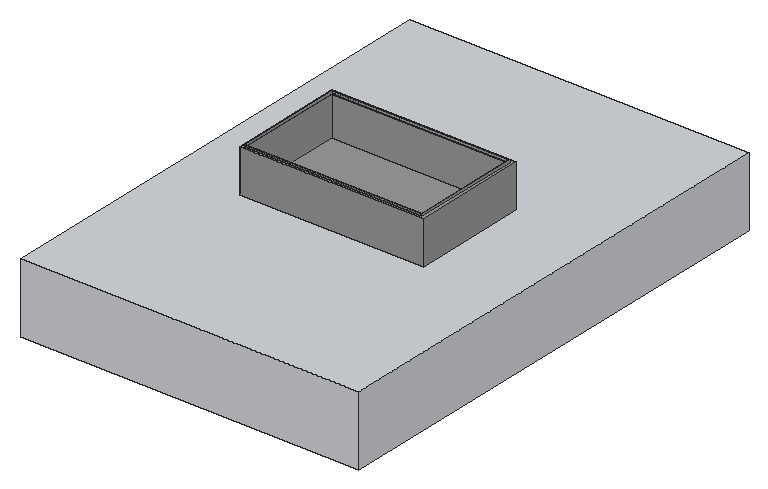
Revit family "Hager-Univers-IP30-D205-H500-Cl.II-Encl-CH-it", category Equipement électrique, Revit 2020
Family settings
  Hôte = Face
  Configuration du panneau = Deux colonnes, circuits au sein
  Cote de connecteur circulaire = Utiliser le diamètre
  Type d'élément = Tableau de raccordement
  Couper avec des vides une fois chargée = Non
  Partagée = Non
  Point de calcul de pièce = Non
Parameters (values of type "A parete IP30 L800 A500 P205  - FP33Q1S")
  Width Control [instance] = if([EF000008 - Larghezza] > Min Width, [EF000008 - Larghezza], Min Width)  # 800 mm
  Commentaires du type = [HG000003 - Gamma]  # "Univers"
  Thickness Door [instance] = if([EF009171 - spessore materiale porta/coperchio] > 3 mm, 3 mm, [EF009171 - spessore materiale porta/coperchio])  # 1 mm
  Seal Frame Offset [instance] = 17 mm  # constant formula
  Plinth Visibility [instance] = [HG000027 - Altezza dello zoccolo] > 0 mm  # no
  Model = ""
  Min Width [instance] = 100 mm  # constant formula
  Min Height [instance] = 100 mm  # constant formula
  Min Depth [instance] = (2 * [EF009170 - spessore materiale scatola]) + 1 mm  # 3 mm
  Internal Frame Depth [instance] = (Door System Depth * 0.5)  # 9 mm
  Height Control [instance] = if([EF000040 - Altezza] > Min Height, [EF000040 - Altezza], Min Height)  # 500 mm
  HG000027 - Altezza dello zoccolo = 0 mm
  HG000026 - A pavimento = no
  HG000024 - Altezza della sezione inferiore = 800 mm
  HG000023 - Custodia a doppia sezione = no
  HG000016 - Visibilità delle porte nella vista 3D [instance] = yes
  HG000015 - Visibilità attraverso la porta [instance] = no
  HG000014 - Porta destra [instance] = yes
  HG000013 - Porta sinistra [instance] = not([HG000014 - Porta destra])  # no
  HG000012 - Angolo di apertura della porta [instance] = 30.00°
  HG000010 - Porte asimmetriche = no
  HG000009 - Porta doppia a battente = no
  HG000006 - Ad incasso = no
  HG000004 - Codice produttore = "FP33Q1S"
  HG000003 - Gamma = "Univers"
  HG000002 - Con porta = no
  Frame Offset Bottom [instance] = 10 mm  # constant formula
  Frame Offset [instance] = 15 mm  # constant formula
  EF015940 - Coprire con rilascio di sovrapressione = no
  EF011959 - tipo di protezione (NEMA) = ""
  EF009554 - numero delle aperture per la piastra della flangia = 6
  Fabricant = "Hager"  # constant formula
  EF009212 - esecuzione coperchio = "EV009916 - con taglio"
  EF009171 - spessore materiale porta/coperchio = 1 mm
  EF009170 - spessore materiale scatola = 1 mm
  EF008873 - corrente nominale (In) = 250 A
  EF007800 - adatto per parafulmine = no
  EF006306 - con serratura = no
  EF006244 - coperchio/porta trasparente = no
  EF005474 - grado di protezione (IP) = "EV006410 - IP30"
  EF004464 - tipo di porta = "EV000494 - senza"
  EF004427 - numero di moduli = 108
  EF004293 - resistenza agli urti = "EV006813 - IK07"
  EF003532 - adatto per uso esterno = no
  EF002950 - Numero moduli DIN = 36
  EF001613 - Integrità del circuito = "EV000494 - senza"
  EF001596 - Attacco Lampada = "EV000179 - acciaio"
  EF001131 - profondità interna = 130 mm
  EF001088 - possibilità di applicazione = yes
  EF000437 - numero di ingressi per conduttori = 6
  EF000339 - tipo di copertura = "EV000494 - senza"
  EF000266 - numero di file = 3
  EF000218 - profondità di incasso = 0 mm
  EF000118 - con piastra di montaggio = no
  EF000116 - numero RAL = "9010"
  EF000049 - profondità = 205 mm
  EF000040 - Altezza = 500 mm
  EF000008 - Larghezza = 800 mm
  EF000007 - colore = "EV000202 - bianco"
  EF000003 - Tipo di montaggio = "EV000384 - A parete"
  Door System Leaf Tolerance [instance] = 1.5 mm  # constant formula
  Door System Depth [instance] = 18 mm  # constant formula
  Door Height [instance] = Height Control - [HG000027 - Altezza dello zoccolo]  # 500 mm
  Depth Control [instance] = if([EF000049 - profondità] > Min Depth, [EF000049 - profondità], Min Depth)  # 205 mm
  Default Elevation = 0 mm
  Connector Offset [instance] = Height Control / 2  # 250 mm
  Bottom Top Plate Trim [instance] = 1.5 mm  # constant formula
  Plinth height Ctrl [instance] = if([HG000027 - Altezza dello zoccolo] > 0 mm, [HG000027 - Altezza dello zoccolo], 12 mm)  # 12 mm
Types (5, lengths in mm): name | Width Control | HG000004 - Codice produttore | EF009554 - numero delle aperture per la piastra della flangia | EF004427 - numero di moduli | EF002950 - Numero moduli DIN | EF000437 - numero di ingressi per conduttori | EF000008 - Larghezza
  A parete IP30 L1050 A500 P205  - FP34Q1S | 1050 | "FP34Q1S" | 8 | 144 | 48 | 8 | 1050
  A parete IP30 L1300 A500 P205  - FP35Q1S | 1300 | "FP35Q1S" | 10 | 180 | 60 | 10 | 1300
  A parete IP30 L300 A500 P205  - FP31Q1S | 300 | "FP31Q1S" | 2 | 36 | 12 | 2 | 300
  A parete IP30 L550 A500 P205  - FP32Q1S | 550 | "FP32Q1S" | 4 | 72 | 24 | 4 | 550
  A parete IP30 L800 A500 P205  - FP33Q1S | 800 | "FP33Q1S" | 6 | 108 | 36 | 6 | 800
Reference planes
  plane 1 "Center (Front/Back)": y = 0
  plane 2: z = 0
  plane 3 "Center (Left/Right)": x = 0
  plane 4: z = 205
  plane 5: y = 1
  plane 6: y = 250
  plane 7: y = 0
  plane 8: y = 500
  plane 9: z = 0
  plane 10: x = -385
  plane 11: x = 385
  plane 12: x = 384
  plane 13: x = -384
  plane 14: y = 499
  plane 15: x = -383
  plane 16: x = -400
  plane 17: x = 383
  plane 18: x = 400
  plane 19: x = 399
  plane 20: x = -399
  plane 21: y = 11
  plane 22: y = 500
  plane 23: y = 484
  plane 24: z = 187
  plane 25: z = 1
  plane 26: z = 186
  plane 27: z = 204
Forms (mm)
  Extrusion 1, solid
    sketch origin (0, 0, 0) x (1, 0, 0) y (0, 1, 0)
      loop
        line (-702.964, 1305) -> (-702.964, -811.445) -> (766.763, -811.445) -> (766.763, 1305) -> (-702.964, 1305)
    from 0 to -304.8
  Extrusion 2, solid, material "Hager_Steel_RAL7035_Light_Grey", visible <- "Plinth Visibility", detail levels medium+fine
    sketch origin (0, 0, 0) x (1, 0, 0) y (0, 1, 0)
      loop
        line (-400, 0) -> (400, 0) -> (400, 12) -> (-400, 12) -> (-400, 0)
    from 0 to 187
  Extrusion 3, solid, material "Hager_Steel_RAL7035_Light_Grey", detail levels medium+fine
    sketch origin (0, 0, 0) x (1, 0, 0) y (0, 1, 0)
      loop
        line (-400, 0) -> (400, 0) -> (400, 500) -> (-400, 500) -> (-400, 0)
    from 0 to 187
  Extrusion 4, void
    sketch origin (0, 0, 0) x (1, 0, 0) y (0, 1, 0)
      loop
        line (-399, 1) -> (399, 1) -> (399, 499) -> (-399, 499) -> (-399, 1)
    from 1 to 186
  Extrusion 5, void
    sketch origin (-381.607, -4572, 187) x (0, -1, 0) y (-1, 0, 0)
      loop
        line (-4583, 2.393) -> (-5056, 2.393) -> (-5056, -765.607) -> (-4583, -765.607) -> (-4583, 2.393)
    from 0 to 1 <- "EF009170 - spessore materiale scatola"
  Extrusion 6, solid, material "Hager_Steel_RAL7035_Light_Grey", detail levels fine
    sketch origin (0, 0, 187) x (1, 0, 0) y (0, 1, 0)
      loop
        line (-384, 484) -> (-384, 11) -> (384, 11) -> (384, 484) -> (-384, 484)
      loop
        line (-385, 10) -> (385, 10) -> (385, 485) -> (-385, 485) -> (-385, 10)
    from 0 to 9 <- "Internal Frame Depth"
  Extrusion 7, solid, material "Hager_Steel_RAL7035_Light_Grey", detail levels coarse
    sketch origin (0, 0, 0) x (1, 0, 0) y (0, 1, 0)
      loop
        line (-400, 0) -> (400, 0) -> (400, 500) -> (-400, 500) -> (-400, 0)
    from 0 to 205
  Sweep 8, void
    path in 3D
      loop
        line (-400, 12, 0) -> (400, 12, 0) -> (400, 12, 187) -> (-400, 12, 187) -> (-400, 12, 0)
    profile origin (-400, 12, 93.5) x (-1, 0, 0) y (0, -1, 0)
      loop
        line (0, 0) -> (0, 1.5) -> (-1.5, 1.5)
        arc (-1.5, 1.5) -> (-1.061, 0.439) -> (0, 0) r 1.5
Cuts and joins
  Extrusion 4, Extrusion 5 cuts Extrusion 3
  Sweep 8 cuts Extrusion 2
Lines and regions (mm)
  Masking region 1
    outline origin (0, 0, 0) x (1, 0, 0) y (0, 0, 1)
      loop
        line (-400, 205) -> (-400, 0) -> (400, 0) -> (400, 205) -> (-400, 205)
  Masking region 2, detail levels medium+fine
    outline origin (0, 140, 0) x (0, 1, 0) y (0, 0, 1)
      loop
        line (-140, 0) -> (360, 0) -> (360, 187) -> (-140, 187) -> (-140, 0)
  Masking region 3, not visible, detail levels medium+fine
    outline origin (0, 297.922, 0) x (0, 1, 0) y (0, 0, 1)
      loop
        line (-36.422, 0) -> (3.578, 0) -> (3.578, 194)
        arc (3.578, 194) -> (0.649, 201.071) -> (-6.422, 204) r 10
        line (-6.422, 204) -> (-36.422, 204) -> (-36.422, 0)
  Masking region 4, detail levels coarse
    outline origin (0, 0, 180) x (0, 1, 0) y (0, 0, 1)
      loop
        line (0, -180) -> (500, -180) -> (500, 25) -> (0, 25) -> (0, -180)
  Masking region 5, visible <- "Plinth Visibility", detail levels medium+fine
    outline origin (0, 52.24, 12.345) x (0, 0, -1) y (0, 1, 0)
      loop
        line (10.845, -40.24) -> (-173.155, -40.24)
        arc (-173.155, -40.24) -> (-173.594, -41.301) -> (-174.655, -41.74) r 1.5
        line (-174.655, -41.74) -> (-174.655, -52.24) -> (12.345, -52.24) -> (12.345, -41.74)
        arc (12.345, -41.74) -> (11.285, -41.301) -> (10.845, -40.24) r 1.5
  Masking region 6, detail levels medium+fine
    outline origin (-381.607, -4572, 187) x (-1, 0, 0) y (0, -1, 0)
      loop
        line (18.393, -5072) -> (18.393, -4572) -> (-781.607, -4572) -> (-781.607, -5072) -> (18.393, -5072)
  Masking region 7, visible <- "Plinth Visibility", detail levels medium+fine
    outline origin (-381.607, -4727, 187) x (-1, 0, 0) y (0, -1, 0)
      loop
        arc (16.893, -4739) -> (17.332, -4737.939) -> (18.393, -4737.5) r 1.5
        line (18.393, -4737.5) -> (18.393, -4727) -> (-781.607, -4727) -> (-781.607, -4737.5)
        arc (-781.607, -4737.5) -> (-780.546, -4737.939) -> (-780.107, -4739) r 1.5
        line (-780.107, -4739) -> (16.893, -4739)
  Masking region 8, detail levels coarse
    outline origin (-442.548, -4669.526, 187) x (-1, 0, 0) y (0, -1, 0)
      loop
        line (-42.548, -5169.526) -> (-42.548, -4669.526) -> (-842.548, -4669.526) -> (-842.548, -5169.526) -> (-42.548, -5169.526)
  sketch lines
    curve 1: line (-400, 12, 187) -> (-400, 12, 0)
    curve 2: line (400, 12, 187) -> (-400, 12, 187)
    curve 3: line (400, 12, 187) -> (400, 12, 0)
    curve 4: line (-400, 12, 0) -> (400, 12, 0)
Dimensions and locks
  "Depth Control": plane 4 to Extrusion 1
  "HG000027 - Altezza dello zoccolo": plane 1 "Center (Front/Back)" to plane 7
  "EF009170 - spessore materiale scatola": plane 5 to plane 7
  locked: connector elem to plane 3 "Center (Left/Right)"
  equal spacing: plane 8, plane 6, plane 7
  locked: connector elem to plane 6
  "EF009170 - spessore materiale scatola": plane 8 to plane 14
  "EF009170 - spessore materiale scatola": plane 10 to plane 13
  "EF009170 - spessore materiale scatola": plane 12 to plane 11
  "Frame Offset": plane 20 to plane 13
  "Frame Offset": plane 12 to plane 19
  "EF009170 - spessore materiale scatola": plane 16 to plane 20
  "EF009170 - spessore materiale scatola": plane 19 to plane 18
  "Seal Frame Offset": plane 16 to plane 15
  "Seal Frame Offset": plane 17 to plane 18
  "Frame Offset Bottom": plane 21 to plane 5
  "Frame Offset": plane 14 to plane 23
  equal spacing: plane 16, plane 3 "Center (Left/Right)", plane 18
  "Width Control": plane 16 to plane 18
  "EF009170 - spessore materiale scatola": plane 4 to plane 27
  "EF009170 - spessore materiale scatola": plane 24 to plane 26
  "EF009170 - spessore materiale scatola": plane 25 to level
  "Door System Depth": plane 4 to plane 24
  "Height Control": plane 1 "Center (Front/Back)" to Extrusion 7 sketch curve
  "Height Control": Masking region 4 sketch curve to plane 1 "Center (Front/Back)"
  "Height Control": plane 1 "Center (Front/Back)" to plane 22
  "Bottom Top Plate Trim": profile plane to Sweep 8 sketch curve
  "Bottom Top Plate Trim": Sweep 8 sketch curve to profile plane
  "Plinth height Ctrl": plane 1 "Center (Front/Back)" to Extrusion 2 sketch curve
  "Plinth height Ctrl": Masking region 5 sketch curve to plane 1 "Center (Front/Back)"
  "Plinth height Ctrl": plane 1 "Center (Front/Back)" to Masking region 7 sketch curve
  "Thickness Door": Extrusion 6 sketch curve to Extrusion 6 sketch curve  (x3)
  "Thickness Door": cut or joined group of Extrusion 3, Extrusion 4, Extrusion 5 to Extrusion 6 sketch curve
  radius of Masking region 3 sketch curve = 10 mm
  "Bottom Top Plate Trim": radius of Masking region 5 sketch curve  (x2)
  "Bottom Top Plate Trim": radius of Sweep 8 sketch curve
  "Bottom Top Plate Trim": radius of Masking region 7 sketch curve  (x2)
  aligned and locked: plane 2 to Extrusion 1
  aligned and locked: level to Extrusion 1
  aligned and locked: level to Masking region 1 sketch curve
  aligned and locked: Masking region 1 sketch curve to plane 18
  aligned and locked: Masking region 1 sketch curve to plane 16
  aligned and locked: plane 7 to Masking region 2 sketch curve
  aligned and locked: level to Masking region 3 sketch curve
  aligned and locked: Masking region 3 sketch curve to plane 27
  aligned and locked: level to Masking region 2 sketch curve
  aligned and locked: plane 1 "Center (Front/Back)" to Extrusion 2 sketch curve
  aligned and locked: Extrusion 3 sketch curve to plane 7
  aligned and locked: plane 16 to Extrusion 3 sketch curve
  aligned and locked: plane 18 to Extrusion 3 sketch curve
  aligned and locked: plane 20 to Extrusion 4 sketch curve
  aligned and locked: plane 19 to Extrusion 4 sketch curve
  aligned and locked: Extrusion 4 sketch curve to plane 5
  aligned and locked: Extrusion 4 to plane 25
  aligned and locked: plane 26 to Extrusion 4
  aligned and locked: plane 24 to Extrusion 3
  aligned and locked: Extrusion 5 sketch curve to plane 21
  aligned and locked: Extrusion 5 sketch curve to plane 13
  aligned and locked: Extrusion 5 sketch curve to plane 12
  aligned and locked: plane 18 to Extrusion 7 sketch curve
  aligned and locked: plane 1 "Center (Front/Back)" to Extrusion 7 sketch curve
  aligned and locked: plane 16 to Extrusion 7 sketch curve
  aligned and locked: plane 4 to Extrusion 7
  aligned and locked: Extrusion 7 to level
  aligned and locked: level to Masking region 4 sketch curve
  aligned and locked: Masking region 4 sketch curve to plane 1 "Center (Front/Back)"
  aligned and locked: Masking region 4 sketch curve to plane 4
  aligned and locked: nested 1 to level
  aligned and locked: nested 1 to plane 16
  aligned and locked: plane 8 to Extrusion 3 sketch curve
  aligned and locked: plane 23 to Extrusion 5 sketch curve
  aligned and locked: plane 14 to Extrusion 4 sketch curve
  aligned and locked: Masking region 2 sketch curve to plane 8
  aligned and locked: level to Masking region 5 sketch curve
  aligned and locked: plane 16 to Extrusion 2 sketch curve
  aligned and locked: plane 18 to Extrusion 2 sketch curve
  aligned and locked: Masking region 5 sketch curve to plane 24
  aligned and locked: Masking region 2 sketch curve to plane 24
  aligned and locked: plane 24 to Extrusion 2
  aligned and locked: profile plane to Sweep 8 sketch curve  (x2)
  aligned and locked: Masking region 6 sketch curve to plane 18
  aligned and locked: Masking region 6 sketch curve to plane 22
  aligned and locked: Masking region 6 sketch curve to plane 16
  aligned and locked: plane 8 to plane 22
  aligned and locked: Masking region 6 sketch curve to plane 7
  aligned and locked: Masking region 7 sketch curve to plane 16
  aligned and locked: Masking region 7 sketch curve to plane 1 "Center (Front/Back)"
  aligned and locked: Masking region 7 sketch curve to plane 18
  aligned and locked: Masking region 8 sketch curve to plane 1 "Center (Front/Back)"
  aligned and locked: Masking region 8 sketch curve to plane 18
  aligned and locked: Masking region 8 sketch curve to plane 22
  aligned and locked: Masking region 8 sketch curve to plane 16
  aligned and locked: nested 2 to plane 7
  aligned and locked: plane 3 "Center (Left/Right)" to nested 2
  aligned and locked: nested 2 to plane 24
  aligned and locked: Extrusion 6 sketch curve to cut or joined group of Extrusion 3, Extrusion 4, Extrusion 5  (x4)
Automatic sketch dimensions
  Extrusion 1 sketch curve to Extrusion 1 sketch curve = 1469.727 mm
  Extrusion 1 sketch curve to Extrusion 1 sketch curve = 2116.445 mm
  Masking region 1 sketch curve to plane 4 = 0 mm
  plane 6 to Masking region 3 sketch curve = 11.5 mm
  Masking region 3 sketch curve to Masking region 3 sketch curve = 30 mm
  Masking region 5 sketch curve to plane 1 "Center (Front/Back)" = 0 mm
Nested families
  nested 1: "Hager_Enclosure_Symbol" at (-400, 0, 0) x (1, 0, 0) z (0, -1, 0), Height <- "Depth Control", Width <- "Width Control", type "Hager_Enclosure_Symbol"
    with Width_Ctrl 800 mm, Width 800 mm, Height_Ctrl 205 mm, Height 205 mm, A_Width_Int 13.453 mm, A_Width 161.438 mm, A_Height_Ctrl 179.375 mm, A_Height 179.375 mm
  nested 2: "EC000058_Univers_Door" at (0, 0, 187) x (1, 0, 0) z (0, 1, 0), Leaf_Tolerance <- "Door System Leaf Tolerance", Angle <- "HG000012 - Angolo di apertura della porta", Door_Depth <- "Door System Depth", Door_Left <- "HG000013 - Porta sinistra", Transparent <- "EF006244 - coperchio/porta trasparente", Assymetrical <- "HG000010 - Porte asimmetriche", Width <- "Width Control", Clearance <- "HG000015 - Visibilità attraverso la porta", Double <- "HG000009 - Porta doppia a battente", 3d_Door <- "HG000016 - Visibilità delle porte nella vista 3D", Lock_Visibility <- "EF006306 - con serratura", Width_Ctrl <- "Width Control", Door_Right <- "HG000014 - Porta destra", Door <- "HG000002 - Con porta", Height <- "Door Height", Thickness <- "Thickness Door", type "EC000058_Univers_Door", detail levels medium+fine
    with min_wh 3 mm, Width_Ctrl 800 mm, Width 800 mm, Transparent no, Thickness 1 mm, Seal_Material Hager_Rubber, Lock_Visibility no, Lock_Material Hager_Plastic_RAL9005_Jet_Black, Leaf_Width 800 mm, Leaf_Tolerance_External_Sides 0 mm, Leaf_Tolerance 1.5 mm, Leaf_Offset 0 mm, Leaf_Height 497 mm, Leaf_2_Width 800 mm, Leaf_2_Offset 400 mm, Leaf_1_Width 800 mm, Leaf_1_Offset 400 mm, Height_Ctrl 500 mm, Height 500 mm, Glass_Material Hager_Glass, Double_Clearance_Ctrl no, Double no, Door_Right_Ctrl no, Door_Right yes, Door_Material Hager_Steel_RAL7035_Light_Grey, Door_Left_Ctrl no, Door_Left no, Door_Depth 18 mm, Door no, Clearance_Material Hager_Clearance, Clearance_Depth 800 mm, Clearance_Ctrl no, Clearance no, Assymetrical no, Angle 30.00°, 3d_Door yes
Connectors
  electrical at (0, 250, 0)
    settings: on plane 9, index 1, voltage 0 V, apparent load 0 VA, apparent load phase1 0 VA, apparent load phase2 0 VA, apparent load phase3 0 VA, power factor 1, load classification "Other", number of poles 1, system type 30, power factor state 1, is connector primary yes, connector utility no, sub classification motor no, connector description ""
Definition of nested family "Hager_Enclosure_Symbol"
  Parameters (values of type "Hager_Enclosure_Symbol")
    Width_Ctrl [instance] = if(Width > 1 mm, Width, 1 mm)  # 102.27 mm
    Width [instance] = 102.27 mm
    Height_Ctrl [instance] = if(Height > 1 mm, Height, 1 mm)  # 66.5 mm
    A_Width_Int [instance] = if(A_Width / 12 > 2 mm, A_Width / 12, 2 mm)  # 4.364 mm
    A_Width [instance] = if(A_Height_Ctrl * 0.9 > 2 mm, A_Height_Ctrl * 0.9, 2 mm)  # 52.369 mm
    A_Height_Ctrl [instance] = if(A_Height > 2 mm, A_Height, 2 mm)  # 58.188 mm
    Height [instance] = 66.5 mm
    A_Height [instance] = Height - (Height / 8)  # 58.188 mm
  Reference planes
    plane 1 "Centre (avant/arrière)": y = 0
    plane 2: z = 0
    plane 3 "Centre (gauche/droite)": x = 0
    plane 4: x = 52.369
    plane 5: y = 33.042
    plane 6: y = 41.77
    plane 7: y = 66.5
    plane 8: x = 26.184
    plane 9: y = 37.406
    plane 10: x = 102.27
    plane 11: y = 66.5
    plane 12: y = 8.313
  Lines and regions (mm)
    Filled region 1, type "Solid_Black", in view "Niveau de réf."
      outline origin (0, 0, 0) x (1, 0, 0) y (0, 1, 0)
        loop
          line (52.369, 66.5) -> (33.188, 54.536) -> (45.365, 45.006) -> (52.369, 66.5)
    Filled region 2, type "Solid_Black", in view "Niveau de réf."
      outline origin (0, 0, 0) x (1, 0, 0) y (0, 1, 0)
        loop
          line (0, 0) -> (102.27, 0) -> (102.27, 66.5) -> (0, 0)
    detail lines, in view "Niveau de réf."
      curve 1: line (0, 8.313, 0) -> (26.184, 41.77, 0)
      curve 2: line (26.184, 41.77, 0) -> (26.184, 33.042, 0)
      curve 3: line (26.184, 33.042, 0) -> (52.369, 66.5, 0)
  Dimensions and locks
    "A_Width": plane 3 "Centre (gauche/droite)" to plane 4
    equal spacing: plane 3 "Centre (gauche/droite)", plane 8, plane 4
    equal spacing: plane 6, plane 9, plane 5
    equal spacing: curve 3, Filled region 1 sketch curve, Filled region 1 sketch curve
    "Height_Ctrl": plane 1 "Centre (avant/arrière)" to plane 11
    "A_Height_Ctrl": plane 11 to plane 12
    equal spacing: plane 11, plane 9, plane 12
    "A_Width_Int": plane 6 to plane 9
    "Width_Ctrl": plane 3 "Centre (gauche/droite)" to plane 10
    angle Filled region 1 sketch curve to curve 3 = 20.00°
    angle curve 3 to Filled region 1 sketch curve = 20.00°
    locked: curve 3 to Filled region 1 sketch curve (angle 90.00°)
    aligned and locked: plane 10 to Filled region 2
    aligned and locked: plane 11 to Filled region 2 sketch curve
    aligned and locked: plane 10 to Filled region 2 sketch curve
    aligned and locked: plane 3 "Centre (gauche/droite)" to curve 1
    aligned and locked: plane 12 to curve 1
    aligned and locked: plane 7 to plane 11
  Automatic sketch dimensions
    Filled region 1 sketch curve to plane 4 = 0 mm
    Filled region 1 sketch curve to plane 7 = 0 mm
    plane 1 "Centre (avant/arrière)" to Filled region 2 sketch curve = 0 mm
    Filled region 2 sketch curve to plane 3 "Centre (gauche/droite)" = 0 mm
    curve 2 to plane 6 = 0 mm
    curve 2 to plane 8 = 0 mm
    curve 3 to plane 4 = 0 mm
    curve 2 to plane 5 = 0 mm
    curve 3 to plane 7 = 0 mm
Definition of nested family "EC000058_Univers_Door"
  Parameters (values of type "EC000058_Univers_Door")
    min_wh [instance] = (2 * Thickness) + 1 mm  # 11 mm
    Width_Ctrl [instance] = 400 mm
    Width [instance] = 500 mm
    Transparent [instance] = yes
    Thickness [instance] = 5 mm
    Seal_Material [instance] = none
    Lock_Visibility [instance] = yes
    Lock_Material [instance] = none
    Leaf_Width [instance] = if((Width_Ctrl - 2 * Leaf_Tolerance_External_Sides) > 0 mm, (Width_Ctrl - 2 * Leaf_Tolerance_External_Sides), min_wh)  # 400 mm
    Leaf_Tolerance_External_Sides [instance] = 0 mm  # constant formula
    Leaf_Tolerance [instance] = 1.5 mm
    Leaf_Offset [instance] = 0 mm  # constant formula
    Leaf_Height [instance] = if((Height_Ctrl - 2 * Leaf_Tolerance) > 0 mm, (Height_Ctrl - 2 * Leaf_Tolerance), min_wh)  # 497 mm
    Leaf_2_Width [instance] = if(and(and(Double, Assymetrical), Door_Left), (Leaf_Width / 3) - (Leaf_Tolerance / 2), if(and(and(Double, Assymetrical), Door_Right), (Leaf_Width / 3) * 2 - (Leaf_Tolerance / 2), if(and(Double, not(Assymetrical)), (Leaf_Width / 2) - Leaf_Tolerance, Leaf_Width)))  # 400 mm
    Leaf_2_Offset [instance] = if(and(Double, Assymetrical), Leaf_2_Width / 2, if(and(Double, not(Assymetrical)), Leaf_Width / 4, Leaf_Width / 2))  # 200 mm
    Leaf_1_Width [instance] = if(and(and(Double, Assymetrical), Door_Right), (Leaf_Width / 3) - (Leaf_Tolerance / 2), if(and(and(Double, Assymetrical), Door_Left), (Width / 3) * 2 - (Leaf_Tolerance / 2), if(and(Double, not(Assymetrical)), (Leaf_Width / 2) - Leaf_Tolerance, Leaf_Width)))  # 400 mm
    Leaf_1_Offset [instance] = if(and(Double, Assymetrical), Leaf_1_Width / 2, if(and(Double, not(Assymetrical)), Leaf_Width / 4, Leaf_Width / 2))  # 200 mm
    Height_Ctrl [instance] = if(Height > min_wh, Height, min_wh)  # 500 mm
    Height [instance] = 500 mm
    Glass_Material [instance] = none
    Double_Clearance_Ctrl [instance] = and(Double, Clearance)  # no
    Double [instance] = no
    Door_Right_Ctrl [instance] = and(or(Door_Right, Double), Door)  # yes
    Door_Right [instance] = yes
    Door_Material [instance] = none
    Door_Left_Ctrl [instance] = and(or(Door_Left, Double), Door)  # no
    Door_Left [instance] = no
    Door_Depth [instance] = 30 mm
    Door [instance] = yes
    Default Elevation = 1219.2 mm
    Clearance_Material [instance] = none
    Clearance_Depth [instance] = if(Leaf_1_Width > Leaf_2_Width, Leaf_1_Width, Leaf_2_Width)  # 400 mm
    Clearance_Ctrl [instance] = and(not(Double), Clearance)  # yes
    Clearance [instance] = yes
    Assymetrical [instance] = yes
    Angle [instance] = 30.00°
    3d_Door [instance] = yes
  Reference planes
    plane 1 "Center (Front/Back)": y = 0
    plane 2 "Bottom": z = 0
    plane 3 "Center (Left/Right)": x = 0
    plane 4: z = 500
    plane 5: x = -200
    plane 6: x = 200
    plane 7: z = 500
    plane 8: x = -200
    plane 9: z = 0
    plane 10: x = 200
    plane 11: y = 0
    plane 12: z = 1.5
    plane 13: x = -600
    plane 14: y = -400
    plane 15: x = 600
    plane 16: x = 0
    plane 17: x = 0
    plane 18: x = -200
    plane 19: x = 200
    plane 20: z = 498.5
  Forms (mm)
    Extrusion 1, solid, material <- "Clearance_Material", visible <- "Double_Clearance_Ctrl"
      sketch origin (1200, 0, 0) x (1, 0, 0) y (0, 0, -1)
        loop
          line (-1800, -498.5) -> (-600, -498.5) -> (-600, 0) -> (-1800, 0) -> (-1800, -498.5)
      from 0 to -400
  Dimensions and locks
    equal spacing: plane 5, plane 3 "Center (Left/Right)", plane 6
    "Width_Ctrl": plane 5 to plane 6
    "Leaf_Offset": plane 5 to plane 8
    "Leaf_Offset": plane 6 to plane 10
    "Leaf_Offset": plane 9 to level
    "Leaf_Offset": plane 4 to plane 7
    "Height_Ctrl": plane 4 to level
    "Leaf_Tolerance": plane 12 to plane 9
    locked: plane 11 to plane 1 "Center (Front/Back)"
    "Leaf_1_Offset": plane 18 to plane 16
    "Leaf_2_Offset": plane 17 to plane 19
    "Leaf_1_Width": plane 13 to plane 8
    "Leaf_2_Width": plane 10 to plane 15
    "Clearance_Depth": plane 14 to plane 1 "Center (Front/Back)"
    "Leaf_Tolerance_External_Sides": plane 8 to plane 18
    "Leaf_Tolerance_External_Sides": plane 19 to plane 10
    "Leaf_Tolerance": plane 7 to plane 20
    aligned and locked: level to plane 2 "Bottom"
    aligned and locked: nested 1 to plane 16
    aligned and locked: nested 2 to plane 17
    aligned and locked: Extrusion 1 to plane 13
    aligned and locked: plane 15 to Extrusion 1
    aligned and locked: Extrusion 1 to plane 14
    aligned and locked: plane 12 to nested 1
    aligned and locked: nested 2 to plane 12
    aligned and locked: Extrusion 1 to plane 11
    aligned and locked: plane 20 to Extrusion 1
    aligned and locked: nested 2 to plane 11
    aligned and locked: nested 1 to plane 11
  Automatic sketch dimensions
    Extrusion 1 sketch curve to level = 0 mm
    plane 5 to Extrusion 1 sketch curve = 400 mm
    plane 6 to Extrusion 1 sketch curve = 400 mm
    Extrusion 1 sketch curve to plane 4 = 1.5 mm
  Nested families
    nested 1: "EC000058_Univers_Door_Leaf" at (0, 0, 1.5), Width <- "Leaf_1_Width", visible <- "Door_Left_Ctrl", Leaf_Height <- "Leaf_Height", Angle <- "Angle", 3d_Door <- "3d_Door", Transparent <- "Transparent", Clearance Material <- "Clearance_Material", Clearance <- "Clearance_Ctrl", Door_Material <- "Door_Material", Glass_Material <- "Glass_Material", Door_Depth <- "Door_Depth", Lock_Material <- "Lock_Material", Seal_Material <- "Seal_Material", Lock_Visibility <- "Lock_Visibility", Thickness <- "Thickness", type "EC000058_Univers_Door_Leaf"
      with Width 400 mm, Transparent_Glass_Offset 30 mm, Transparent_Ctrl yes, Transparent yes, Thickness 5 mm, Standard no, Seal_Material none, Seal_D2 8 mm, Seal_D1 1 mm, Offset_Internal_Frame 10 mm, Lock_Width 20 mm, Lock_Visibility_3d yes, Lock_Visibility yes, Lock_Thickness_3 3 mm, Lock_Thickness_2 1 mm, Lock_Thickness_1 3 mm, Lock_Radius_Offset_2 16 mm, Lock_Radius_Offset_1 15 mm, Lock_Radius_2 5 mm, Lock_Radius 6 mm, Lock_Offset 5 mm, Lock_Material none, Lock_Height 80 mm, Lock_Cover_Top_Offset_2d 17 mm, Lock_Cover_Height -65 mm, Leaf_Height 497 mm, Internal_Seal_Thickness 8 mm, Internal_Seal_Depth_2 4.5 mm, Internal_Frame_Depth 25 mm, Glass_Thickness -1 mm, Glass_Offset -2 mm, Glass_Material none, Door_Material none, Door_Depth 30 mm, Clearance Material none, Clearance yes, Angle_Ctrl 30.00°, Angle 30.00°, 3d_Door yes
    nested 2: "EC000058_Univers_Door_Leaf" at (0, 0, 1.5) x (-1, 0, 0) z (0, 0, 1), Width <- "Leaf_2_Width", visible <- "Door_Right_Ctrl", Leaf_Height <- "Leaf_Height", Angle <- "Angle", 3d_Door <- "3d_Door", Transparent <- "Transparent", Clearance Material <- "Clearance_Material", Clearance <- "Clearance_Ctrl", Door_Material <- "Door_Material", Glass_Material <- "Glass_Material", Door_Depth <- "Door_Depth", Lock_Material <- "Lock_Material", Seal_Material <- "Seal_Material", Lock_Visibility <- "Lock_Visibility", Thickness <- "Thickness", type "EC000058_Univers_Door_Leaf"
      with Width 400 mm, Transparent_Glass_Offset 30 mm, Transparent_Ctrl yes, Transparent yes, Thickness 5 mm, Standard no, Seal_Material none, Seal_D2 8 mm, Seal_D1 1 mm, Offset_Internal_Frame 10 mm, Lock_Width 20 mm, Lock_Visibility_3d yes, Lock_Visibility yes, Lock_Thickness_3 3 mm, Lock_Thickness_2 1 mm, Lock_Thickness_1 3 mm, Lock_Radius_Offset_2 16 mm, Lock_Radius_Offset_1 15 mm, Lock_Radius_2 5 mm, Lock_Radius 6 mm, Lock_Offset 5 mm, Lock_Material none, Lock_Height 80 mm, Lock_Cover_Top_Offset_2d 17 mm, Lock_Cover_Height -65 mm, Leaf_Height 497 mm, Internal_Seal_Thickness 8 mm, Internal_Seal_Depth_2 4.5 mm, Internal_Frame_Depth 25 mm, Glass_Thickness -1 mm, Glass_Offset -2 mm, Glass_Material none, Door_Material none, Door_Depth 30 mm, Clearance Material none, Clearance yes, Angle_Ctrl 30.00°, Angle 30.00°, 3d_Door yes
  Definition of nested family "EC000058_Univers_Door_Leaf"
    Parameters (values of type "EC000058_Univers_Door_Leaf")
      Width [instance] = 2000 mm
      Transparent_Glass_Offset [instance] = 30 mm
      Transparent_Ctrl [instance] = and(Transparent, [3d_Door])  # yes
      Transparent [instance] = yes
      Thickness [instance] = 5 mm
      Standard [instance] = and(not(Transparent), [3d_Door])  # no
      Seal_Material [instance] = none
      Seal_D2 [instance] = 8 mm  # constant formula
      Seal_D1 [instance] = 1 mm  # constant formula
      Offset_Internal_Frame [instance] = 10 mm  # constant formula
      Lock_Width [instance] = 20 mm  # constant formula
      Lock_Visibility_3d [instance] = and(Lock_Visibility, [3d_Door])  # yes
      Lock_Visibility [instance] = yes
      Lock_Thickness_3 [instance] = 3 mm  # constant formula
      Lock_Thickness_2 [instance] = 1 mm  # constant formula
      Lock_Thickness_1 [instance] = 3 mm  # constant formula
      Lock_Radius_Offset_2 [instance] = Lock_Radius_Offset_1 + 1 mm  # 16 mm
      Lock_Radius_Offset_1 [instance] = 15 mm  # constant formula
      Lock_Radius_2 [instance] = Lock_Radius - 1 mm  # 5 mm
      Lock_Radius [instance] = 6 mm  # constant formula
      Lock_Offset [instance] = 5 mm  # constant formula
      Lock_Material [instance] = none
      Lock_Height [instance] = 80 mm  # constant formula
      Lock_Cover_Top_Offset_2d [instance] = Lock_Radius_Offset_2 + 1 mm  # 17 mm
      Lock_Cover_Height [instance] = -(Lock_Height - Lock_Radius_Offset_1)  # -65 mm
      Leaf_Height [instance] = 2720.336 mm
      Internal_Seal_Thickness [instance] = 8 mm  # constant formula
      Internal_Seal_Depth_2 [instance] = 4.5 mm  # constant formula
      Internal_Frame_Depth [instance] = if(Door_Depth - Thickness > 5 mm, Door_Depth - Thickness, 5 mm)  # 25 mm
      Glass_Thickness [instance] = if(Thickness > 15 mm, Glass_Offset + 10 mm, -1 mm)  # -1 mm
      Glass_Offset [instance] = if(Thickness > 15 mm, -(Thickness + 10 mm) / 2, -2 mm)  # -2 mm
      Glass_Material [instance] = none
      Door_Material [instance] = none
      Door_Depth [instance] = 30 mm
      Default Elevation = 0 mm
      Clearance Material [instance] = none
      Clearance [instance] = yes
      Angle_Ctrl [instance] = if(Angle > 180.00°, 180.00°, Angle)  # 90.00°
      Angle [instance] = 90.00°
      3d_Door [instance] = yes
    Reference planes
      plane 1 "Center (Front/Back)": y = 0
      plane 2: z = 0
      plane 3 "Center (Left/Right)": x = 0
      plane 4: y = 2000
      plane 5: x = -1000
      plane 6: x = 1000
      plane 7: x = -3000
      plane 8: z = 2720.336
      plane 9: z = 30
      plane 10: z = 2690.336
      plane 11: x = 970
      plane 12: x = -970
      plane 13: y = -3
      plane 14: z = 107.833
      plane 15: y = -5
      plane 16: y = -223.314
      plane 17: x = -1000
      plane 18: z = 1360.168
      plane 19: y = 30
    Forms (mm)
      Extrusion 1, solid, material <- "Clearance Material", visible <- "Clearance"
        sketch origin (0, 0, 0) x (1, 0, 0) y (0, 0, 1)
          loop
            line (-3000, 2720.336) -> (-3000, 0) -> (1000, 0) -> (1000, 2720.336) -> (-3000, 2720.336)
        from 0 to -2000
      Extrusion 2, solid, material <- "Door_Material", visible <- "Standard", detail levels medium+fine
        sketch origin (-1000, 0, 0) x (0, 1, 0) y (-1, 0, 0)
          loop
            line (0, 30) -> (0, 25) -> (2000, 25) -> (2000, 30) -> (0, 30)
        from 0 to 2720.336 <- "Leaf_Height"
      Extrusion 3, solid, material <- "Door_Material", visible <- "Transparent_Ctrl", detail levels medium+fine
        sketch origin (-1000, 0, 0) x (0, 1, 0) y (-1, 0, 0)
          loop
            line (0, 25) -> (2000, 25) -> (2000, 30) -> (0, 30) -> (0, 25)
        from 0 to 2720.336 <- "Leaf_Height"
      Extrusion 4, void
        sketch origin (-1025, 2000, 0) x (0, 1, 0) y (0, 0, -1)
          loop
            line (-30, -2690.336) -> (-30, -30) -> (-1970, -30) -> (-1970, -2690.336) -> (-30, -2690.336)
        from 0 to 5 <- "Thickness"
      Sweep 5, solid, material <- "Seal_Material", visible <- "Transparent_Ctrl", detail levels fine
        path in 3D
          loop
            line (-1025, 30, 30) -> (-1025, 30, 2690.336) -> (-1025, 1970, 2690.336) -> (-1025, 1970, 30) -> (-1025, 30, 30)
        profile origin (-1025, 1000, 30) x (1, 0, 0) y (0, 0, 1)
          loop
            line (0, 0) -> (0, -8) -> (1, -8) -> (1, 0) -> (0, 0)
      Extrusion 6, solid, material <- "Glass_Material", visible <- "Transparent_Ctrl", detail levels medium+fine
        sketch origin (-1030, 0, 0) x (0, 1, 0) y (0, 0, -1)
          loop
            line (1970, -2690.336) -> (1970, -30) -> (30, -30) -> (30, -2690.336) -> (1970, -2690.336)
        from -2 <- "Glass_Offset" to -1 <- "Glass_Thickness"
      Extrusion 7, solid, material <- "Door_Material", visible <- "3d_Door", detail levels medium+fine
        sketch origin (-1025, 2000, 0) x (0, -1, 0) y (0, 0, -1)
          loop
            line (0, -2720.336) -> (2000, -2720.336) -> (2000, 0) -> (0, 0) -> (0, -2720.336)
          loop
            line (1995, -5) -> (5, -5) -> (5, -2715.336) -> (1995, -2715.336) -> (1995, -5)
        from 0 to 25 <- "Internal_Frame_Depth"
      Sweep 8, solid, material <- "Seal_Material", visible <- "Transparent_Ctrl", detail levels fine
        path in 3D
          loop
            line (-1025, 0, 0) -> (-1025, 2000, 0) -> (-1025, 2000, 2720.336) -> (-1025, 0, 2720.336) -> (-1025, 0, 0)
        profile origin (-1025, 0, 1360.168) x (1, 0, 0) y (0, 1, 0)
          loop
            line (0, 10) -> (2.975, 10)
            arc (2.975, 10) -> (4.053, 10.447) -> (4.5, 11.525) r 1.525
            line (4.5, 11.525) -> (4.5, 16.527)
            arc (4.5, 16.527) -> (4.069, 17.569) -> (3.027, 18) r 1.473
            line (3.027, 18) -> (0, 18) -> (0, 10)
      Extrusion 9, solid, material <- "Lock_Material", visible <- "Lock_Visibility_3d", detail levels fine
        sketch origin (-1030, 0, 0) x (0, 1, 0) y (0, 0, -1)
          loop
            arc (1993.5, -1400.168) -> (1994.561, -1399.729) -> (1995, -1398.668) r 1.5
            line (1995, -1398.668) -> (1995, -1320.168) -> (1975, -1320.168) -> (1975, -1398.668)
            arc (1975, -1398.668) -> (1975.439, -1399.729) -> (1976.5, -1400.168) r 1.5
            line (1976.5, -1400.168) -> (1993.5, -1400.168)
        from 3 <- "Lock_Thickness_1" to 0
      Blend 10, solid, material <- "Lock_Material", visible <- "Lock_Visibility_3d", detail levels fine
        base sketch origin (-1033, 0, 0) x (0, 1, 0) y (0, 0, -1)
          loop
            line (1975, -1320.168) -> (1975, -1398.668)
            arc (1975, -1398.668) -> (1975.439, -1399.729) -> (1976.5, -1400.168) r 1.5
            line (1976.5, -1400.168) -> (1993.5, -1400.168)
            arc (1993.5, -1400.168) -> (1994.561, -1399.729) -> (1995, -1398.668) r 1.5
            line (1995, -1398.668) -> (1995, -1320.168) -> (1975, -1320.168)
        top sketch origin (-1033, 0, 0) x (0, 1, 0) y (0, 0, -1)
          loop
            line (1976, -1320.168) -> (1976, -1398.668)
            arc (1976, -1398.668) -> (1976.146, -1399.022) -> (1976.5, -1399.168) r 0.5
            line (1976.5, -1399.168) -> (1993.5, -1399.168)
            arc (1993.5, -1399.168) -> (1993.854, -1399.022) -> (1994, -1398.668) r 0.5
            line (1994, -1398.668) -> (1994, -1320.168) -> (1976, -1320.168)
        from 0 to 1 <- "Lock_Thickness_2"
      Blend 11, solid, material <- "Lock_Material", visible <- "Lock_Visibility_3d", detail levels fine
        base sketch origin (-1034, 0, 0) x (0, 1, 0) y (0, 0, -1)
          loop
            line (1978, -1320.168) -> (1978, -1384.168)
            arc (1978, -1384.168) -> (1985, -1391.168) -> (1992, -1384.168) r 7
            line (1992, -1384.168) -> (1992, -1320.168) -> (1978, -1320.168)
        top sketch origin (-1034, 0, 0) x (0, 1, 0) y (0, 0, -1)
          loop
            line (1991, -1320.168) -> (1979, -1320.168) -> (1979, -1383.168)
            arc (1979, -1383.168) -> (1985, -1389.168) -> (1991, -1383.168) r 6
            line (1991, -1383.168) -> (1991, -1320.168)
        from 0 to 3 <- "Lock_Thickness_3"
      Extrusion 12, solid, material <- "Lock_Material", visible <- "Lock_Visibility_3d", detail levels fine
        sketch origin (-1030, 1975, 1320.168) x (1, 0, 0) y (0, -1, 0)
          loop
            line (-7, -19) -> (-7, -1) -> (0, -1) -> (0, 0) -> (-8, 0) -> (-8, -20) -> (0, -20) -> (0, -19) -> (-7, -19)
        from 0 to -65 <- "Lock_Cover_Height"
      Extrusion 13, void
        sketch origin (-1038, 1995, 1320.168) x (-1, 0, 0) y (0, 0, -1)
          loop
            line (-5, -65) -> (0, -65) -> (-5, -60) -> (-5, -65)
        from 0 to 20 <- "Lock_Width"
      Extrusion 14, void
        sketch origin (-1038, 1975, 1320.168) x (0, -1, 0) y (0, 0, -1)
          loop
            circle (-10, -15.995) r 6
          loop
            circle (-10, -15.995) r 5
        from 0 to 2
      Extrusion 15, solid, material <- "Lock_Material", visible <- "Lock_Visibility_3d", detail levels medium
        sketch origin (-1030, 0, 0) x (0, 1, 0) y (0, 0, -1)
          loop
            arc (1993.5, -1400.168) -> (1994.561, -1399.729) -> (1995, -1398.668) r 1.5
            line (1995, -1398.668) -> (1995, -1320.168) -> (1975, -1320.168) -> (1975, -1398.668)
            arc (1975, -1398.668) -> (1975.439, -1399.729) -> (1976.5, -1400.168) r 1.5
            line (1976.5, -1400.168) -> (1993.5, -1400.168)
        from 8 to 0
    Cuts and joins
      Extrusion 4 cuts Extrusion 3
      Extrusion 13, Extrusion 14 cuts Extrusion 9
      Extrusion 14 cuts Blend 11
      Extrusion 13, Extrusion 14 cuts Extrusion 12
      joined: Extrusion 9, Blend 10, Blend 11, Extrusion 12
      Extrusion 14 cuts Extrusion 15
    Lines and regions (mm)
      Masking region 1, visible <- "Lock_Visibility", detail levels fine
        outline origin (0, 0, 0) x (0, 1, 0) y (0, 0, 1)
          loop
            line (30, 1320.168) -> (33, 1320.168) -> (33, 1400.168) -> (30, 1400.168) -> (30, 1320.168)
      Masking region 2, visible <- "Lock_Visibility", detail levels fine
        outline origin (0, 3.143, 0) x (0, 1, 0) y (0, 0, 1)
          loop
            line (29.857, 1354.168) -> (30.857, 1354.168) -> (30.857, 1366.168) -> (29.857, 1366.168) -> (29.857, 1354.168)
      Masking region 3, detail levels medium+fine
        outline origin (0, 0, 0) x (0, 1, 0) y (0, 0, 1)
          loop
            line (0, 0) -> (30, 0) -> (30, 2720.336) -> (0, 2720.336) -> (0, 0)
      Masking region 4, detail levels medium+fine
        outline origin (0, 0, 0) x (1, 0, 0) y (0, 0, 1)
          loop
            line (-1000, 2720.336) -> (-1000, 0) -> (1000, 0) -> (1000, 2720.336) -> (-1000, 2720.336)
      Masking region 5, visible <- "Lock_Visibility", detail levels fine
        outline origin (-47.116, 0, 0) x (1, 0, 0) y (0, 0, 1)
          loop
            arc (1024.616, 1399.168) -> (1023.556, 1398.729) -> (1023.116, 1397.668) r 1.5
            line (1023.116, 1397.668) -> (1023.116, 1320.168) -> (1041.116, 1320.168) -> (1041.116, 1397.668)
            arc (1041.116, 1397.668) -> (1040.677, 1398.729) -> (1039.616, 1399.168) r 1.5
            line (1039.616, 1399.168) -> (1024.616, 1399.168)
      Masking region 6, visible <- "Lock_Visibility", detail levels medium+fine
        outline origin (-25, 0, 0) x (1, 0, 0) y (0, 0, 1)
          loop
            arc (1001.5, 1400.168) -> (1000.439, 1399.729) -> (1000, 1398.668) r 1.5
            line (1000, 1398.668) -> (1000, 1320.168) -> (1020, 1320.168) -> (1020, 1398.668)
            arc (1020, 1398.668) -> (1019.561, 1399.729) -> (1018.5, 1400.168) r 1.5
            line (1018.5, 1400.168) -> (1001.5, 1400.168)
      Masking region 7, visible <- "Lock_Visibility", detail levels fine
        outline origin (-73.735, 0, 0) x (1, 0, 0) y (0, 0, 1)
          loop
            line (1051.735, 1382.168) -> (1065.735, 1382.168) -> (1065.735, 1384.168)
            arc (1065.735, 1384.168) -> (1058.735, 1391.168) -> (1051.735, 1384.168) r 7
            line (1051.735, 1384.168) -> (1051.735, 1382.168)
      Masking region 8, visible <- "Lock_Visibility", detail levels fine
        outline origin (-73.735, 0, 0) x (1, 0, 0) y (0, 0, 1)
          loop
            line (1052.735, 1382.168) -> (1064.735, 1382.168) -> (1064.735, 1383.168)
            arc (1064.735, 1383.168) -> (1058.735, 1389.168) -> (1052.735, 1383.168) r 6
            line (1052.735, 1383.168) -> (1052.735, 1382.168)
      Masking region 9, visible <- "Lock_Visibility", detail levels fine
        outline origin (-25, 0, 0) x (1, 0, 0) y (0, 0, 1)
          loop
            line (1020, 1320.168) -> (1020, 1382.168) -> (1000, 1382.168) -> (1000, 1320.168) -> (1020, 1320.168)
      Masking region 10, detail levels medium+fine
        outline origin (0, 0, 0) x (1, 0, 0) y (0, 0, 1)
          loop
            circle (985, 1335.144) r 6
      Masking region 11, detail levels fine
        outline origin (0, 0, 0) x (1, 0, 0) y (0, 0, 1)
          loop
            circle (985, 1335.144) r 5
      Masking region 12, visible <- "Lock_Visibility", detail levels fine
        outline origin (0, 12.767, 0) x (0, 1, 0) y (0, 0, 1)
          loop
            line (20.233, 1320.168) -> (21.233, 1320.168) -> (21.233, 1399.168) -> (20.233, 1400.168) -> (20.233, 1320.168)
      Masking region 13, visible <- "Lock_Visibility", detail levels fine
        outline origin (0, 13.767, -10) x (0, 1, 0) y (0, 0, 1)
          loop
            line (20.233, 1330.168) -> (23.233, 1330.168) -> (23.233, 1399.168) -> (20.233, 1402.168) -> (20.233, 1330.168)
      Masking region 14, visible <- "Lock_Visibility", detail levels fine
        outline origin (0, 12.767, -10) x (0, 1, 0) y (0, 0, 1)
          loop
            line (20.233, 1330.168) -> (25.233, 1330.168) -> (25.233, 1399.305) -> (20.233, 1394.305) -> (20.233, 1330.168)
      Masking region 15, visible <- "Lock_Visibility", detail levels medium
        outline origin (0, 0, 0) x (0, 1, 0) y (0, 0, 1)
          loop
            line (30, 1320.168) -> (38, 1320.168) -> (38, 1400.168) -> (30, 1400.168) -> (30, 1320.168)
      Masking region 16, visible <- "Lock_Visibility", detail levels fine
        outline origin (-1000, 0, 0) x (0, 1, 0) y (-1, 0, 0)
          loop
            line (1975, 30) -> (1995, 30) -> (1995, 38) -> (1975, 38) -> (1975, 30)
          loop
            line (1979, 37) -> (1976, 37) -> (1976, 34) -> (1978, 34) -> (1979, 37)
          loop
            line (1994, 37) -> (1991, 37) -> (1992, 34) -> (1994, 34) -> (1994, 37)
      Masking region 17, visible <- "Lock_Visibility", detail levels medium
        outline origin (-1000, 0, 0) x (0, 1, 0) y (-1, 0, 0)
          loop
            line (1975, 30) -> (1995, 30) -> (1995, 38) -> (1975, 38) -> (1975, 30)
      symbolic lines
        curve 1: line (1000, 0, 0) -> (-3000, 0, 0)
        curve 2: arc (1000, 0, 0) -> (-1000, 2000, 0) -> (-3000, 0, 0) r 2000
        curve 4: line (-1030, 0, 0) -> (-1030, 2000, 0)
      reference lines
        curve 3: line (-1000, 0, 0) -> (-1000, 2000, 0)
      symbolic lines, detail levels medium+fine
        curve 5: line (-1030, 2000, 0) -> (-1025, 2000, 0)
        curve 7: line (-1025, 0, 0) -> (-1030, 0, 0)
        curve 8: line (-1025, 0, 0) -> (-1000, 0, 0)
        curve 9: line (-1000, 0, 0) -> (-1000, 2000, 0)
        curve 10: line (-1000, 2000, 0) -> (-1025, 2000, 0)
      symbolic lines, detail levels fine
        curve 6: line (-1025, 2000, 0) -> (-1025, 0, 0)
      sketch lines
        curve 11: line (-1025, 0, 2720.336) -> (-1025, 0, 0)
        curve 12: line (-1025, 2000, 0) -> (-1025, 0, 0)
        curve 13: line (-1025, 2000, 2720.336) -> (-1025, 2000, 0)
        curve 14: line (-1025, 0, 2720.336) -> (-1025, 2000, 2720.336)
        curve 15: line (-1025, 1970, 30) -> (-1025, 30, 30)
        curve 16: line (-1025, 30, 30) -> (-1025, 30, 2690.336)
        curve 17: line (-1025, 1970, 2690.336) -> (-1025, 1970, 30)
        curve 18: line (-1025, 30, 2690.336) -> (-1025, 1970, 2690.336)
      symbolic lines, visible <- "Transparent", detail levels medium+fine
        curve 19: line (-970, 0, 2690.336) -> (970, 0, 2690.336)
        curve 20: line (-970, 0, 30) -> (-970, 0, 2690.336)
        curve 21: line (970, 0, 30) -> (-970, 0, 30)
        curve 22: line (970, 0, 2690.336) -> (970, 0, 30)
    Dimensions and locks
      "Width": plane 1 "Center (Front/Back)" to plane 4
      equal spacing: plane 5, plane 3 "Center (Left/Right)", plane 6
      "Width": plane 5 to plane 6
      "Width": plane 7 to plane 5
      "Leaf_Height": plane 8 to level
      "Width": curve 5 to curve 3
      "Width": curve 3 to curve 3
      plane 8 to plane 10 = 30 mm
      plane 9 to level = 30 mm
      plane 12 to plane 5 = 30 mm
      plane 6 to plane 11 = 30 mm
      Extrusion 1 to Extrusion 4 sketch curve = 30 mm
      "Transparent_Glass_Offset": curve 3 to Extrusion 4 sketch curve
      "Transparent_Glass_Offset": Extrusion 4 sketch curve to cut or joined group of Extrusion 3, Extrusion 4  (x2)
      cut or joined group of Extrusion 3, Extrusion 4 to Extrusion 6 sketch curve = 30 mm
      "Transparent_Glass_Offset": cut or joined group of Extrusion 3, Extrusion 4 to Extrusion 4 sketch curve
      "Thickness": curve 6 to curve 4
      "Thickness": Extrusion 7 sketch curve to Extrusion 7 sketch curve  (x4)
      "Door_Depth": curve 4 to curve 3
      "Offset_Internal_Frame": profile plane to Sweep 8 sketch curve
      "Internal_Seal_Thickness": Sweep 8 sketch curve to Sweep 8 sketch curve
      "Internal_Seal_Depth_2": profile plane to Sweep 8 sketch curve
      "Seal_D1": profile plane to Sweep 5 sketch curve
      "Seal_D2": profile plane to Sweep 5 sketch curve
      "Thickness": Extrusion 2 sketch curve to Extrusion 2 sketch curve
      equal spacing: Extrusion 9 sketch curve, plane 18, Extrusion 9 sketch curve  (x2)
      equal spacing: Masking region 1 sketch curve, plane 18, Masking region 1 sketch curve
      "Lock_Height": Masking region 1 sketch curve to Masking region 1 sketch curve
      "Lock_Radius": Masking region 2 sketch curve to plane 18 to Masking region 2 sketch curve
      Masking region 2 sketch curve to Masking region 1 = 1 mm
      "Door_Depth": plane 19 to plane 1 "Center (Front/Back)"
      "Lock_Thickness_1": Masking region 1 sketch curve to plane 19
      "Lock_Width": Extrusion 9 sketch curve to Extrusion 9 sketch curve
      "Lock_Height": Extrusion 9 sketch curve to Extrusion 9 sketch curve
      "Lock_Offset": cut or joined group of Extrusion 3, Extrusion 4 to Extrusion 9 sketch curve
      equal spacing: plane 8, plane 18, level
      "Lock_Radius_Offset_1": Blend 11 sketch curve to Blend 10
      locked: Blend 10 to Blend 11 sketch curve at 2  (x2)
      locked: var sketch to Blend 11 sketch curve at 1  (x2)
      "Lock_Radius_Offset_2": Blend 11 sketch curve to Blend 10
      locked: Extrusion 12 sketch curve to Extrusion 12 sketch curve at 1  (x3)
      Masking region 6 sketch curve to Masking region 6 sketch curve = 80 mm
      "Lock_Height": Masking region 6 sketch curve to Masking region 6 sketch curve
      "Lock_Width": Masking region 6 sketch curve to Masking region 6 sketch curve
      locked: Masking region 6 to Masking region 5 sketch curve at 1  (x3)
      locked: Masking region 5 to Masking region 7 sketch curve at 2  (x2)
      "Lock_Radius_Offset_1": Masking region 5 to Masking region 7 sketch curve
      "Lock_Radius_Offset_2": Masking region 5 to Masking region 8 sketch curve
      locked: Masking region 7 to Masking region 8 sketch curve at 1  (x2)
      "Lock_Cover_Top_Offset_2d": Masking region 5 to Masking region 9 sketch curve
      equal spacing: Masking region 9, Masking region 10 sketch curve, Masking region 9
      equal spacing: Masking region 9, Masking region 11 sketch curve, Masking region 9
      Extrusion 15 sketch curve to Extrusion 15 sketch curve = 80 mm
      "Lock_Width": Extrusion 15 sketch curve to Extrusion 15 sketch curve
      "Lock_Height": Extrusion 15 sketch curve to Extrusion 15 sketch curve
      equal spacing: Extrusion 15 sketch curve, plane 18, Extrusion 15 sketch curve
      "Lock_Thickness_3": Masking region 13 sketch curve to Masking region 13 sketch curve
      "Lock_Height": Masking region 12 sketch curve to Masking region 12 sketch curve
      locked: Masking region 13 sketch curve to Masking region 1 at 8
      locked: Masking region 14 sketch curve to Masking region 13 at 1
      locked: Masking region 14 sketch curve to Masking region 1 at 10.863
      "Lock_Height": Masking region 15 sketch curve to Masking region 15 sketch curve
      "Lock_Offset": Extrusion 15 sketch curve to cut or joined group of Extrusion 3, Extrusion 4
      "Lock_Offset": plane 6 to Masking region 6 sketch curve
      radius of Sweep 8 sketch curve = 1.525 mm
      radius of Sweep 8 sketch curve = 1.473 mm
      radius of Extrusion 9 sketch curve = 1.5 mm  (x2)
      "Lock_Radius": radius of Extrusion 14 sketch curve
      "Lock_Radius_2": radius of Extrusion 14 sketch curve
      "Lock_Radius": radius of Masking region 10 sketch curve
      "Lock_Radius_2": radius of Masking region 11 sketch curve
      radius of Extrusion 15 sketch curve = 1.5 mm  (x2)
      "Angle_Ctrl": angle plane 1 "Center (Front/Back)" to curve 3
      locked: Masking region 12 sketch curve to Masking region 12 sketch curve (angle 45.00°)
      locked: Masking region 13 sketch curve to Masking region 13 sketch curve (angle 45.00°)
      locked: Masking region 14 sketch curve to Masking region 14 sketch curve (angle 45.00°)
      aligned and locked: level to plane 2
      aligned and locked: Extrusion 1 to curve 1
      aligned and locked: plane 6 to Extrusion 1
      aligned and locked: Extrusion 1 to plane 1 "Center (Front/Back)"
      aligned and locked: plane 4 to Extrusion 1
      aligned and locked: plane 8 to Extrusion 1
      aligned and locked: curve 7 to Extrusion 2 sketch curve
      aligned and locked: curve 5 to Extrusion 2 sketch curve
      aligned and locked: curve 7 to Extrusion 3 sketch curve
      aligned and locked: Extrusion 3 sketch curve to curve 4
      aligned and locked: Extrusion 3 sketch curve to curve 6
      aligned and locked: Extrusion 3 sketch curve to curve 5
      aligned and locked: curve 9 to curve 3
      aligned and locked: Extrusion 7 sketch curve to cut or joined group of Extrusion 3, Extrusion 4  (x4)
      aligned and locked: plane 17 to curve 3
      aligned and locked: plane 1 "Center (Front/Back)" to curve 3
      aligned and locked: plane 17 to plane 5
      aligned and locked: Sweep 8 sketch curve to profile plane
      aligned and locked: Sweep 5 sketch curve to profile plane  (x2)
      aligned and locked: Masking region 1 to Masking region 2 sketch curve
      aligned and locked: plane 19 to Masking region 1 sketch curve
      aligned and locked: plane 1 "Center (Front/Back)" to Masking region 3 sketch curve
      aligned and locked: plane 19 to Masking region 3 sketch curve
      aligned and locked: level to Masking region 3 sketch curve
      aligned and locked: Masking region 3 sketch curve to plane 8
      aligned and locked: plane 17 to Masking region 4 sketch curve
      aligned and locked: level to Masking region 4 sketch curve
      aligned and locked: Masking region 4 sketch curve to plane 8
      aligned and locked: plane 12 to curve 20
      aligned and locked: plane 10 to curve 19
      aligned and locked: plane 11 to curve 22
      aligned and locked: curve 21 to plane 9
      aligned and locked: Extrusion 2 sketch curve to cut or joined group of Extrusion 3, Extrusion 4
      aligned and locked: Blend 10 sketch curve to Extrusion 9  (x4)
      aligned and locked: Extrusion 9 to Blend 10 sketch curve
      aligned and locked: Blend 10 to Blend 11 sketch curve
      aligned and locked: Extrusion 12 sketch curve to Blend 11
      aligned and locked: Extrusion 12 sketch curve to Extrusion 9  (x4)
      aligned and locked: Masking region 5 sketch curve to Masking region 6
      aligned and locked: Masking region 9 sketch curve to Masking region 6  (x3)
      aligned and locked: Masking region 12 sketch curve to Masking region 1
      aligned and locked: Masking region 13 sketch curve to Masking region 1
      aligned and locked: Masking region 12 to Masking region 14
      aligned and locked: Masking region 14 sketch curve to Masking region 1
      aligned and locked: Masking region 15 sketch curve to Masking region 14
      aligned and locked: Masking region 13 sketch curve to Masking region 12
      aligned and locked: Masking region 16 sketch curve to cut or joined group of Extrusion 14, Extrusion 15  (x4)
      aligned and locked: Masking region 16 sketch curve to cut or joined group of Extrusion 9, Blend 10, Blend 11, Extrusion 12, Extrusion 13, Extrusion 14  (x6)
      aligned and locked: cut or joined group of Extrusion 9, Blend 10, Blend 11, Extrusion 12, Extrusion 13, Extrusion 14 to Masking region 16 sketch curve
      aligned and locked: Masking region 17 sketch curve to cut or joined group of Extrusion 14, Extrusion 15  (x3)
      aligned and locked: Masking region 17 sketch curve to cut or joined group of Extrusion 9, Blend 10, Blend 11, Extrusion 12, Extrusion 13, Extrusion 14
      aligned and locked: Masking region 9 to Masking region 8 sketch curve
      aligned and locked: Masking region 9 to Masking region 7 sketch curve
    Automatic sketch dimensions
      plane 1 "Center (Front/Back)" to curve 2 = 0 mm
      curve 2 to plane 5 = 0 mm
      Extrusion 1 sketch curve to level = 0 mm
      Extrusion 1 sketch curve to plane 7 = 0 mm
      Extrusion 1 sketch curve to plane 6 = 0 mm
      Extrusion 1 sketch curve to plane 8 = 0 mm
      Extrusion 3 to Extrusion 6 sketch curve = 30 mm  (x4)
      Masking region 4 sketch curve to plane 6 = 0 mm
      Blend 10 sketch curve to Extrusion 9 = 1.5 mm
      Blend 10 sketch curve to Extrusion 9 = 1 mm
      Extrusion 13 sketch curve to Extrusion 12 = 0 mm  (x2)
      Extrusion 12 to Extrusion 13 sketch curve = 3 mm
      Extrusion 13 sketch curve to Extrusion 12 = 5 mm
      Extrusion 14 sketch curve to Extrusion 14 sketch curve = 0 mm  (x2)
      Extrusion 14 sketch curve to Extrusion 12 = 10 mm
      Extrusion 14 sketch curve to Extrusion 12 = 15.995 mm
      Masking region 5 sketch curve to Masking region 5 sketch curve = 1.5 mm  (x2)
      Masking region 10 sketch curve to plane 18 = 25.024 mm
      Masking region 11 sketch curve to plane 18 = 25.024 mm
      plane 19 to Masking region 14 sketch curve = 3 mm
      Masking region 16 sketch curve to Masking region 16 sketch curve = 3 mm
      curve 4 to curve 3 = 0 mm
      Blend 10 to Blend 11 sketch curve = 0 mm
      Masking region 6 sketch curve to Masking region 6 sketch curve = 1.5 mm  (x2)
      Masking region 6 sketch curve to plane 18 = 40 mm
      plane 19 to Masking region 12 sketch curve = 3 mm
      Masking region 12 sketch curve to Masking region 12 sketch curve = 1 mm
      Masking region 15 sketch curve to plane 19 = 0 mm
      Masking region 15 sketch curve to plane 18 = 40 mm
      radius of Blend 10 sketch curve to Extrusion 9 = 1 mm
